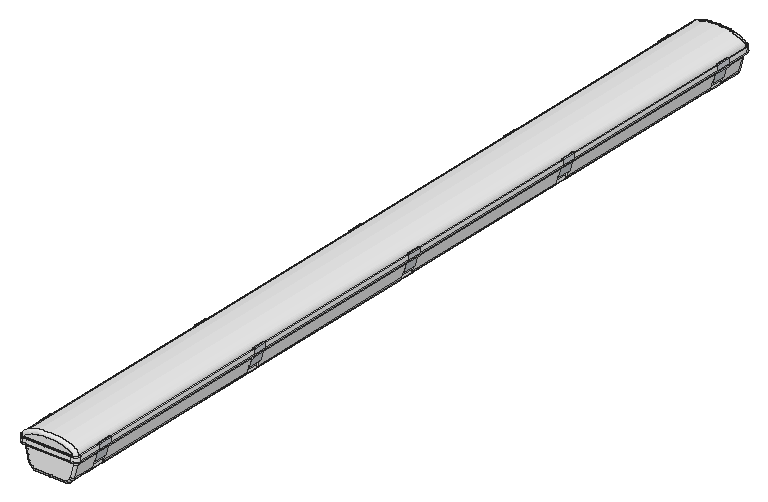
Revit family "0048675", category Lighting Fixtures, host Face, Revit 2017
Family settings
  Host = Face
  Round Connector Dimension = Use Diameter
  Part Type = Normal
  OmniClass Number = 23.80.70.11.14
  OmniClass Title = General Luminaries, Directional
  Cut with Voids When Loaded = Yes
  Light Source = Yes
  Shared = No
  Room Calculation Point = No
Parameters (values of type "0048675 ST Wtrprf T 1500 HO IP65 DA 8300lm 865QC")
  Width = 110 mm
  Weight = ""
  Wattage Comments = "n/a"
  Wattage = 67 W
  WarrantyStartDate [instance] = "n/a"
  WarrantyGuarantorParts = "n/a"
  WarrantyDurationUnit = "n/a"
  WarrantyDurationParts = "n/a"
  WarrantyDescription = "n/a"
  built-in parameter 1150110 = 1 (stored number, unit not read)
  Voltage = 220 V
  URL = "http://www.sylvania-lighting.com"
  TypeName = "START Waterproof T 1500 HO IP65 DALI 8300lm 865 QC"
  Type Image = <None>
  Type Comments = "n/a"
  built-in parameter 1114217 = 1 (stored number, unit not read)
  Tilt Angle = -90.00°
  built-in parameter 1150109 = 1 (stored number, unit not read)
  built-in parameter 1150134 = 1
  built-in parameter 1150113 = 1 (stored number, unit not read)
  SerialNumber [instance] = "n/a"
  ReflectorMaterial = none
  PowerFactor = 0
  PowerConsumption = "67 W"
  Photometric Web File = "0048675.ies"
  NominalWidth = 0 mm
  NominalLength = 1578 mm
  NominalHeight = 78 mm
  Name = "START Waterproof T 1500 HO IP65 DALI 8300lm 865 QC"
  ModelReference = "START Waterproof T 1500 HO IP65 DALI 8300lm 865 QC"
  ModelNumber = "0048675"
  Model = "START Waterproof T 1500 HO IP65 DALI 8300lm 865 QC"
  Material = "pc polycarbonate, housing, pc polycarbonate, diffuser"
  ManufacturerName = "Feilo Sylvania"
  Manufacturer = "Feilo Sylvania"
  LuminousEfficacy = "124 lm/W"
  built-in parameter 1150105 = 661.13 (stored number, unit not read)
  Lumens = 8308 lm
  LuminaireType = ""
  built-in parameter 1150115 = 1 (stored number, unit not read)
  LightOutputRatio = "n/a"
  built-in parameter 1150137 = (empty or 0)
  built-in parameter 1150139 = (empty or 0)
  Length = 1572 mm
  LampsType = Lamp  # "LED"
  LampNominalLuminous = "8300 lm"
  LampMacAdamStep = "5"
  LampColourTemperature = "6500 K"
  LampColourRenderingIndex = "80"
  built-in parameter 1150112 = 1 (stored number, unit not read)
  built-in parameter 1150114 = 1 (stored number, unit not read)
  Lamp = "LED"
  Keynote = "16500"
  InstallationDate [instance] = "n/a"
  InputVoltage = "220-240 V AC"
  InputNominalFrequency = "50/60 Hz"
  built-in parameter 1150132 = (empty or 0)
  built-in parameter 1150102 = (empty or 0)
  built-in parameter 1150107 = 6500 (stored number, unit not read)
  built-in parameter 1150138 = (empty or 0)
  IngressProtection = "IP65"
  ImpactProtectionIndex = "IK08"
  built-in parameter 1150106 = 6.6113 (stored number, unit not read)
  IfcExportType = "IfcLightFixtureType"
  IfcExportAs = "IfcLightFixtureType"
  ExpectedLife = 50000
  Emit from Rectangle Width = Width - 20 mm  # 90 mm
  Emit from Rectangle Length = Length - 20 mm  # 1552 mm
  Emit Shape Visible in Rendering = no
  ElectricShockClassification = "Class I"
  built-in parameter 1150104 = 11.52 (stored number, unit not read)
  DurationUnit = "hours"
  DocumentationLiterature = "http://www.sylvania-lighting.com/product/en-int/products/0048675"
  DimmingControlOptions = "Dimmable"
  Dimming Lamp Color Temperature Shift = <None>
  DiffuserMaterial = Diffuser-Sylvania-Transparent
  Description = "0"
  Default Elevation = 1219.2 mm
  CreatedOn = "6/27/2019"
  CreatedBy = "@sylvania-lighting.com"
  Cost = 0
  Color Filter = 16777215
  built-in parameter 1114216 [instance] = (empty or 0)
  ClassificationValue = "EF_70_80"
  ClassificationName = "Uniclass2015"
  BodyMaterial = Body-Sylvania-Gray
  BarCode [instance] = "n/a"
  built-in parameter 1114218 = 1 (stored number, unit not read)
  built-in parameter 1150133 = 10 (stored number, unit not read)
  AssetType = "Fixed"
  AssetIdentifier [instance] = "n/a"
  Assembly Code = "D5020200"
  Apparent Load = 67 VA
  AccessoryMaterial = Diffuser-Sylvania-Glow
Reference planes
  plane 1 "Center (Front/Back)": y = 0
  plane 2: z = 0
  plane 3 "Center (Left/Right)": x = 0
  plane 4: z = 54
  plane 5: x = -27.7
  plane 6: x = -34.8
  plane 7: x = -39.6
  plane 8: x = -42.2
  plane 9: z = 3
  plane 10: z = 7.8
  plane 11: z = 12.3
  plane 12: z = 36.6
  plane 13: z = 42.8
  plane 14: x = -51.1
  plane 15: z = 46.2
  plane 16: x = -55
  plane 17: y = 786
  plane 18: y = -786
  plane 19: x = 27.7
  plane 20: x = 34.8
  plane 21: x = 39.6
  plane 22: x = 42.2
  plane 23: x = 51.1
  plane 24: x = 55
  plane 25: y = 778.4
  plane 26: y = -778.4
  plane 27: y = -774.7
  plane 28: y = 774.7
  plane 29: z = 74
  plane 30: x = -51.5
  plane 31: x = 51.5
  plane 32: z = 55.2
  plane 33: y = -782.5
  plane 34: y = 782.5
  plane 35: x = -37.5
  plane 36: x = 37.5
  plane 37: x = -48.7
  plane 38: x = 48.7
  plane 39: x = 18
  plane 40: x = -18
  plane 41: z = 50.2
  plane 42: z = 24.6
  plane 43: y = 720
  plane 44: y = 706
  plane 45: y = 734
  plane 46: y = -720
  plane 47: y = 720
  plane 48: y = 706
  plane 49: y = 734
  plane 50: y = -720
  plane 51: y = -734
  plane 52: y = -706
  plane 53: y = 360
  plane 54: y = 346
  plane 55: y = 374
  plane 56: y = 0
  plane 57: y = -14
  plane 58: y = 14
  plane 59: y = -360
  plane 60: y = -374
  plane 61: y = -346
Forms (mm)
  Sweep 1, solid, material "Body-Sylvania-Gray" <- "BodyMaterial", detail levels medium+fine
    path origin (1223.4, -4572, 54) x (0, -1, 0) y (1, 0, 0)
      loop
        arc (-3796, -1278.4) -> (-3788.929, -1275.471) -> (-3786, -1268.4) r 10
        line (-3786, -1268.4) -> (-3786, -1178.4)
        arc (-3786, -1178.4) -> (-3788.929, -1171.329) -> (-3796, -1168.4) r 10
        line (-3796, -1168.4) -> (-5348, -1168.4)
        arc (-5348, -1168.4) -> (-5355.071, -1171.329) -> (-5358, -1178.4) r 10
        line (-5358, -1178.4) -> (-5358, -1268.4)
        arc (-5358, -1268.4) -> (-5355.071, -1275.471) -> (-5348, -1278.4) r 10
        line (-5348, -1278.4) -> (-3796, -1278.4)
    profile origin (-55, 0, 54) x (-1, 0, 0) y (0, 0, 1)
      loop
        line (0, 0) -> (-1, 0) -> (-1, -7.726)
        arc (-1, -7.726) -> (-1.994, -9.498) -> (-3.9, -10.2) r 2.937
        line (-3.9, -10.2) -> (-8.571, -10.2) -> (-8.571, -11.2) -> (-3.9, -11.2)
        arc (-3.9, -11.2) -> (-1.313, -10.231) -> (0, -7.8) r 3.937
        line (0, -7.8) -> (0, 0)
  Sweep 2, solid, material "Body-Sylvania-Gray" <- "BodyMaterial", detail levels medium+fine
    path origin (0, 0, 0) x (1, 0, 0) y (0, 0, 1)
      loop
        line (48.7, 42.8) -> (48.7, 36.6) -> (42.203, 12.31)
        arc (42.203, 12.31) -> (41.199, 9.884) -> (39.6, 7.8) r 10.052
        line (39.6, 7.8) -> (34.8, 3)
        arc (34.8, 3) -> (31.554, 0.781) -> (27.7, 0) r 9.902
        line (27.7, 0) -> (0, 0) -> (-27.7, 0)
        arc (-27.7, 0) -> (-31.554, 0.781) -> (-34.8, 3) r 9.902
        line (-34.8, 3) -> (-39.6, 7.8)
        arc (-39.6, 7.8) -> (-41.199, 9.884) -> (-42.203, 12.31) r 10.052
        line (-42.203, 12.31) -> (-48.7, 36.6) -> (-48.7, 42.8)
    profile origin (0, 0, 0) x (0, 0, -1) y (0, -1, 0)
      loop
        arc (0, 773.4) -> (-1.464, 776.936) -> (-5, 778.4) r 5
        line (-5, 778.4) -> (-7.8, 778.4) -> (-7.8, -778.4) -> (-5, -778.4)
        arc (-5, -778.4) -> (-1.464, -776.936) -> (0, -773.4) r 5
        line (0, -773.4) -> (0, 773.4)
  Extrusion 3, solid, material "Body-Sylvania-Gray" <- "BodyMaterial", detail levels medium+fine
    sketch origin (1524, 778.4, 1219.2) x (1, 0, 0) y (0, 0, 1)
      loop
        arc (-1558.668, -1204.874) -> (-1558.443, -1205.418) -> (-1558.085, -1205.885) r 2.252
        line (-1558.085, -1205.885) -> (-1553.231, -1210.738)
        arc (-1553.231, -1210.738) -> (-1552.534, -1211.227) -> (-1551.7, -1211.4) r 2.102
        line (-1551.7, -1211.4) -> (-1496.3, -1211.4)
        arc (-1496.3, -1211.4) -> (-1495.466, -1211.227) -> (-1494.769, -1210.738) r 2.102
        line (-1494.769, -1210.738) -> (-1489.915, -1205.885)
        arc (-1489.915, -1205.885) -> (-1489.557, -1205.418) -> (-1489.332, -1204.874) r 2.252
        line (-1489.332, -1204.874) -> (-1483.1, -1181.575) -> (-1483.1, -1176.4) -> (-1564.9, -1176.4) -> (-1564.9, -1181.575) -> (-1558.668, -1204.874)
    from 0 to 1556.8
  Sweep 4, solid, material "Diffuser-Sylvania-Transparent" <- "DiffuserMaterial", detail levels medium+fine
    path origin (0, 0, 0) x (1, 0, 0) y (0, 0, 1)
      loop
        spline (-51.5, 55.2) -> (-49.745, 60.066) -> (-44.6, 64.6) -> (-36.416, 68.494) -> (-25.75, 71.481) -> (-13.329, 73.359) -> (0, 74) -> (13.329, 73.359) -> (25.75, 71.481) -> (36.416, 68.494) -> (44.6, 64.6) -> (49.745, 60.066) -> (51.5, 55.2)
    profile origin (51.5, 0, 55.2) x (0, -1, 0) y (1, 0, 0)
      loop
        arc (782.5, -5.5) -> (780.889, -1.611) -> (777, 0) r 5.5
        line (777, 0) -> (-777, 0)
        arc (-777, 0) -> (-780.889, -1.611) -> (-782.5, -5.5) r 5.5
        line (-782.5, -5.5) -> (-782.5, -6.3) -> (-781.5, -6.3) -> (-781.5, -5.5)
        arc (-781.5, -5.5) -> (-780.182, -2.318) -> (-777, -1) r 4.5
        line (-777, -1) -> (777, -1)
        arc (777, -1) -> (780.182, -2.318) -> (781.5, -5.5) r 4.5
        line (781.5, -5.5) -> (781.5, -6.347) -> (782.5, -6.347) -> (782.5, -5.5)
  Extrusion 5, solid, material "Diffuser-Sylvania-Transparent" <- "DiffuserMaterial", detail levels medium+fine
    sketch origin (1524, -782.5, 1219.2) x (1, 0, 0) y (0, 0, 1)
      loop
        line (-1569.653, -1164) -> (-1478.347, -1164)
        spline (-1478.347, -1164) -> (-1478.969, -1162.594) -> (-1482.527, -1159.545) -> (-1489.588, -1156.201) -> (-1499.458, -1153.445) -> (-1511.242, -1151.663) -> (-1524, -1151.049) -> (-1536.758, -1151.663) -> (-1548.542, -1153.445) -> (-1558.412, -1156.201) -> (-1565.473, -1159.545) -> (-1569.031, -1162.594) -> (-1569.653, -1164)
    from 0 to -1
  Extrusion 6, solid, material "Diffuser-Sylvania-Transparent" <- "DiffuserMaterial", detail levels medium+fine
    sketch origin (1524, 782.5, 1219.2) x (1, 0, 0) y (0, 0, 1)
      loop
        spline (-1478.3, -1164) -> (-1478.931, -1162.565) -> (-1482.502, -1159.505) -> (-1489.572, -1156.155) -> (-1499.446, -1153.394) -> (-1511.236, -1151.614) -> (-1524, -1151.007) -> (-1536.764, -1151.614) -> (-1548.554, -1153.394) -> (-1558.428, -1156.155) -> (-1565.498, -1159.505) -> (-1569.069, -1162.565) -> (-1569.7, -1164)
        line (-1569.7, -1164) -> (-1478.3, -1164)
    from 0 to 1
  Extrusion 7, solid, material "Diffuser-Sylvania-Transparent" <- "DiffuserMaterial", detail levels medium+fine
    sketch origin (1223.4, -4572, 55.2) x (0, -1, 0) y (-1, 0, 0)
      loop
        arc (-5353.5, 1177.4) -> (-5352.182, 1174.218) -> (-5349, 1172.9) r 4.5
        line (-5349, 1172.9) -> (-3795, 1172.9)
        arc (-3795, 1172.9) -> (-3791.818, 1174.218) -> (-3790.5, 1177.4) r 4.5
        line (-3790.5, 1177.4) -> (-3790.5, 1269.4)
        arc (-3790.5, 1269.4) -> (-3791.818, 1272.582) -> (-3795, 1273.9) r 4.5
        line (-3795, 1273.9) -> (-5349, 1273.9)
        arc (-5349, 1273.9) -> (-5352.182, 1272.582) -> (-5353.5, 1269.4) r 4.5
        line (-5353.5, 1269.4) -> (-5353.5, 1177.4)
      loop
        line (-5358, 1268.4) -> (-5358, 1178.4)
        arc (-5358, 1178.4) -> (-5355.071, 1171.329) -> (-5348, 1168.4) r 10
        line (-5348, 1168.4) -> (-3796, 1168.4)
        arc (-3796, 1168.4) -> (-3788.929, 1171.329) -> (-3786, 1178.4) r 10
        line (-3786, 1178.4) -> (-3786, 1268.4)
        arc (-3786, 1268.4) -> (-3788.929, 1275.471) -> (-3796, 1278.4) r 10
        line (-3796, 1278.4) -> (-5348, 1278.4)
        arc (-5348, 1278.4) -> (-5355.071, 1275.471) -> (-5358, 1268.4) r 10
    from 0 to 1.2
  Extrusion 8, solid, material "Diffuser-Sylvania-Glow" <- "AccessoryMaterial", detail levels fine
    sketch origin (0, 0, 0) x (1, 0, 0) y (0, 0, 1)
      loop
        circle (-18, 50.2) r 8
      loop
        circle (18, 50.2) r 8
    from -774.7 to 774.7
  Extrusion 9, void
    sketch origin (0, 720, 2343.807) x (0, 0, -1) y (-1, 0, 0)
      loop
        line (2340.807, -37.5) -> (2331.507, -37.5) -> (2319.207, -42.2) -> (2319.207, -48.7) -> (2340.807, -48.7) -> (2340.807, -37.5)
      loop
        line (2340.807, 37.5) -> (2340.807, 48.7) -> (2319.207, 48.7) -> (2319.207, 42.2) -> (2331.507, 37.5) -> (2340.807, 37.5)
    from -14 to 14
  Extrusion 10, solid, material "Body-Sylvania-Gray" <- "BodyMaterial", detail levels coarse
    sketch origin (0, 0, 0) x (1, 0, 0) y (0, 0, 1)
      loop
        line (55, 42.8) -> (55, 55.2) -> (-55, 55.2) -> (-55, 42.791) -> (-42.2, 0) -> (42.2, 0) -> (55, 42.8)
    from -786 to 786
  Extrusion 11, solid, material "Diffuser-Sylvania-Transparent" <- "DiffuserMaterial", detail levels coarse
    sketch origin (0, 0, 0) x (1, 0, 0) y (0, 0, 1)
      loop
        arc (51.5, 55.2) -> (0, 74) -> (-51.5, 55.2) r 79.939
        line (-51.5, 55.2) -> (51.5, 55.2)
    from 778.4 to -778.4
  Extrusion 12, void, not visible
    sketch origin (0, 720, 2343.807) x (0, 0, -1) y (-1, 0, 0)
      loop
        line (2340.807, -37.5) -> (2331.507, -37.5) -> (2319.207, -42.2) -> (2319.207, -48.7) -> (2340.807, -48.7) -> (2340.807, -37.5)
      loop
        line (2340.807, 37.5) -> (2340.807, 48.7) -> (2319.207, 48.7) -> (2319.207, 42.2) -> (2331.507, 37.5) -> (2340.807, 37.5)
    from -14 to 14
  Extrusion 13, void
    sketch origin (0, -720, 2343.807) x (0, 0, -1) y (-1, 0, 0)
      loop
        line (2340.807, -37.5) -> (2331.507, -37.5) -> (2319.207, -42.2) -> (2319.207, -48.7) -> (2340.807, -48.7) -> (2340.807, -37.5)
      loop
        line (2340.807, 37.5) -> (2340.807, 48.7) -> (2319.207, 48.7) -> (2319.207, 42.2) -> (2331.507, 37.5) -> (2340.807, 37.5)
    from -14 to 14
  Extrusion 14, void
    sketch origin (0, 360, 2343.807) x (0, 0, -1) y (-1, 0, 0)
      loop
        line (2340.807, -37.5) -> (2331.507, -37.5) -> (2319.207, -42.2) -> (2319.207, -48.7) -> (2340.807, -48.7) -> (2340.807, -37.5)
      loop
        line (2340.807, 37.5) -> (2340.807, 48.7) -> (2319.207, 48.7) -> (2319.207, 42.2) -> (2331.507, 37.5) -> (2340.807, 37.5)
    from -14 to 14
  Extrusion 15, void
    sketch origin (0, 0, 2343.807) x (0, 0, -1) y (-1, 0, 0)
      loop
        line (2340.807, -37.5) -> (2331.507, -37.5) -> (2319.207, -42.2) -> (2319.207, -48.7) -> (2340.807, -48.7) -> (2340.807, -37.5)
      loop
        line (2340.807, 37.5) -> (2340.807, 48.7) -> (2319.207, 48.7) -> (2319.207, 42.2) -> (2331.507, 37.5) -> (2340.807, 37.5)
    from -14 to 14
  Extrusion 16, void
    sketch origin (0, -360, 2343.807) x (0, 0, -1) y (-1, 0, 0)
      loop
        line (2340.807, -37.5) -> (2331.507, -37.5) -> (2319.207, -42.2) -> (2319.207, -48.7) -> (2340.807, -48.7) -> (2340.807, -37.5)
      loop
        line (2340.807, 37.5) -> (2340.807, 48.7) -> (2319.207, 48.7) -> (2319.207, 42.2) -> (2331.507, 37.5) -> (2340.807, 37.5)
    from -14 to 14
Cuts and joins
  Extrusion 9, Extrusion 13, Extrusion 14, Extrusion 15, Extrusion 16 cuts Sweep 2
  Extrusion 13, Extrusion 14, Extrusion 15, Extrusion 16 cuts Extrusion 3
  joined: Sweep 2, Extrusion 3
  joined: Sweep 4, Extrusion 5, Extrusion 6
Dimensions and locks
  locked: plane 4 to plane 2 at 54
  plane 5 to plane 6 to plane 7 to plane 8 to plane 14 to plane 16 = 7.1 mm locked, 4.8 mm locked, 2.6 mm locked, 8.9 mm, 3.9 mm
  plane 4 to plane 15 to plane 13 to plane 12 to plane 11 to plane 10 to plane 9 = 7.8 mm locked, 3.4 mm, 6.2 mm locked, 24.3 mm locked, 4.5 mm locked, 4.8 mm locked
  equal spacing: plane 18, plane 1 "Center (Front/Back)", plane 17
  "Length": plane 18 to plane 17
  plane 19 to plane 20 to plane 21 to plane 22 to plane 23 to plane 24 = 7.1 mm locked, 4.8 mm locked, 2.6 mm locked, 8.9 mm, 3.9 mm
  equal spacing: plane 24, plane 3 "Center (Left/Right)", plane 16
  "Width": plane 24 to plane 16
  equal spacing: plane 27, plane 1 "Center (Front/Back)", plane 28
  locked: plane 26 to plane 27 at 3.7
  locked: Sweep 1 sketch curve to profile plane at 1
  locked: Sweep 1 sketch curve to plane 13 at 1
  locked: Sweep 1 sketch curve to plane 13 at 3.937  (x2)
  locked: Sweep 1 sketch curve to profile plane at 3.9  (x2)
  locked: plane 29 to plane 4 at 20
  equal spacing: plane 31, plane 3 "Center (Left/Right)", plane 30
  locked: plane 30 to plane 16 at 3.5
  locked: plane 32 to plane 4 at 1.2
  equal spacing: plane 33, plane 1 "Center (Front/Back)", plane 34
  equal spacing: plane 36, plane 3 "Center (Left/Right)", plane 35
  locked: plane 3 "Center (Left/Right)" to plane 35 at 37.5
  locked: plane 34 to plane 17 at 3.5
  equal spacing: plane 38, plane 3 "Center (Left/Right)", plane 37
  locked: plane 37 to plane 16 at 6.3
  equal spacing: plane 25, plane 1 "Center (Front/Back)", plane 26
  locked: plane 17 to plane 25 at 7.6
  locked: Sweep 2 sketch curve to plane 2 at 5  (x2)
  locked: Sweep 2 sketch curve to plane 26 at 5
  locked: plane 25 to Sweep 2 sketch curve at 5
  locked: Sweep 4 sketch curve to plane 31 at 5.5  (x2)
  locked: Sweep 4 sketch curve to plane 34 at 5.5
  plane 33 to Sweep 4 sketch curve = 5.5 mm
  locked: plane 34 to Sweep 4 sketch curve at 1
  locked: Sweep 4 sketch curve to plane 31 at 1
  locked: Sweep 4 sketch curve to Sweep 4 sketch curve at 1
  locked: Sweep 4 sketch curve to plane 31 at 6.347
  locked: Sweep 4 sketch curve to plane 31 at 6.3
  equal spacing: plane 39, plane 3 "Center (Left/Right)", plane 40
  locked: plane 3 "Center (Left/Right)" to plane 40 at 18
  locked: plane 42 to plane 2 at 24.6
  plane 45 to plane 43 to plane 44 = 14 mm locked, 14 mm locked
  locked: plane 17 to plane 43 at 66
  equal spacing: plane 43, plane 1 "Center (Front/Back)", plane 46
  plane 49 to plane 47 to plane 48 = 14 mm locked, 14 mm locked
  plane 52 to plane 50 to plane 51 = 14 mm locked, 14 mm locked  (x2)
  equal spacing: group 1, group 6, group 7, group 8, group 5  (x2)
  equal spacing: group 5, group 8, group 7, group 6, group 1
  plane 55 to plane 53 to plane 54 = 14 mm locked, 14 mm locked  (x2)
  plane 58 to plane 56 to plane 57 = 14 mm locked, 14 mm locked  (x2)
  plane 61 to plane 59 to plane 60 = 14 mm locked, 14 mm locked  (x2)
  plane 43 to plane 53 to plane 1 "Center (Front/Back)" to plane 59 to plane 50 = 360 mm locked, 360 mm locked, 360 mm locked, 360 mm locked
  aligned and locked: plane 2 to host face
  aligned and locked: level to host face
  aligned and locked: plane 16 to Sweep 1 sketch curve
  aligned and locked: Sweep 1 sketch curve to plane 24
  aligned and locked: plane 18 to Sweep 1 sketch curve
  aligned and locked: Sweep 1 sketch curve to plane 13
  aligned and locked: profile plane to Sweep 1 sketch curve
  aligned and locked: plane 3 "Center (Left/Right)" to Sweep 2 sketch curve
  aligned and locked: plane 9 to Sweep 2 sketch curve
  aligned and locked: plane 10 to Sweep 2 sketch curve
  aligned and locked: plane 37 to Sweep 2 sketch curve
  aligned and locked: plane 12 to Sweep 2 sketch curve
  aligned and locked: Sweep 2 sketch curve to level
  aligned and locked: plane 21 to Sweep 2 sketch curve
  aligned and locked: plane 38 to Sweep 2 sketch curve
  aligned and locked: profile plane to Sweep 2 sketch curve
  aligned and locked: plane 25 to Sweep 2 sketch curve
  aligned and locked: Sweep 2 sketch curve to plane 10
  aligned and locked: Extrusion 3 sketch curve to Sweep 2  (x7)
  aligned and locked: Sweep 2 to Extrusion 3 sketch curve
  aligned and locked: Extrusion 3 to plane 25
  aligned and locked: plane 26 to Extrusion 3
  aligned and locked: plane 32 to Sweep 4 sketch curve
  aligned and locked: plane 33 to Sweep 4 sketch curve
  aligned and locked: Sweep 4 to Extrusion 5
  aligned and locked: plane 33 to Extrusion 5
  aligned and locked: Extrusion 5 sketch curve to Sweep 4
  aligned and locked: cut or joined group of Sweep 4, Extrusion 5, Extrusion 6 to Extrusion 6 sketch curve
  aligned and locked: Extrusion 7 sketch curve to cut or joined group of Sweep 4, Extrusion 5, Extrusion 6  (x2)
  aligned and locked: cut or joined group of Sweep 4, Extrusion 5, Extrusion 6 to Extrusion 7 sketch curve  (x2)
  aligned and locked: plane 41 to Extrusion 8 sketch curve  (x2)
  aligned and locked: plane 39 to Extrusion 8 sketch curve
  aligned and locked: plane 27 to Extrusion 8
  aligned and locked: Extrusion 8 to plane 28
  aligned and locked: Extrusion 9 to plane 42
  aligned and locked: plane 9 to Extrusion 9
  aligned and locked: plane 44 to Extrusion 9
  aligned and locked: Extrusion 9 to plane 45
  aligned and locked: Extrusion 7 sketch curve to Sweep 1  (x4)
  aligned and locked: plane 4 to Extrusion 7
  aligned and locked: Extrusion 7 to plane 32
  aligned and locked: nested 2 to plane 43
  aligned and locked: plane 43 to nested 1
  aligned and locked: Extrusion 10 sketch curve to plane 24
  aligned and locked: Extrusion 10 sketch curve to Extrusion 7
  aligned and locked: plane 8 to Extrusion 10 sketch curve
  aligned and locked: plane 22 to Extrusion 10 sketch curve
  aligned and locked: level to Extrusion 10 sketch curve
  aligned and locked: Extrusion 10 to plane 17
  aligned and locked: plane 18 to Extrusion 10
  aligned and locked: cut or joined group of Sweep 4, Extrusion 5, Extrusion 6 to Extrusion 11 sketch curve
  aligned and locked: Extrusion 11 sketch curve to cut or joined group of Sweep 4, Extrusion 5, Extrusion 6  (x2)
  aligned and locked: plane 31 to Extrusion 11 sketch curve
  aligned and locked: plane 30 to Extrusion 11 sketch curve
  aligned and locked: plane 26 to Extrusion 11
  aligned and locked: Extrusion 11 to plane 25
  aligned and locked: imposter light to plane 29
  aligned and locked: plane 3 "Center (Left/Right)" to imposter light
  aligned and locked: plane 1 "Center (Front/Back)" to imposter light
  aligned and locked: plane 51 to Extrusion 13
  aligned and locked: Extrusion 13 to plane 52
  aligned and locked: plane 54 to Extrusion 14
  aligned and locked: Extrusion 14 to plane 55
  aligned and locked: plane 57 to Extrusion 15
  aligned and locked: Extrusion 15 to plane 58
  aligned and locked: plane 60 to Extrusion 16
  aligned and locked: Extrusion 16 to plane 61
  aligned and locked: nested 3 to plane 53
  aligned and locked: plane 53 to nested 10
  aligned and locked: nested 4 to plane 56
  aligned and locked: plane 56 to nested 9
  aligned and locked: nested 5 to plane 59
  aligned and locked: plane 59 to nested 8
  aligned and locked: nested 6 to plane 50
  aligned and locked: plane 50 to nested 7
Automatic sketch dimensions
  host sketch curve to host sketch curve = 2438.4 mm  (x2)
  plane 17 to Sweep 1 sketch curve = 0 mm
  Sweep 1 sketch curve to plane 28 = 1.3 mm
  Sweep 1 sketch curve to plane 7 = 5.4 mm
  plane 27 to Sweep 1 sketch curve = 1.3 mm  (x2)
  Sweep 1 sketch curve to Sweep 1 sketch curve = 4.671 mm
  Sweep 1 sketch curve to plane 4 = 0 mm
  Sweep 2 sketch curve to plane 7 = 0 mm
  Sweep 2 sketch curve to plane 6 = 0 mm
  Sweep 2 sketch curve to plane 5 = 0 mm
  plane 19 to Sweep 2 sketch curve = 0 mm
  Sweep 2 sketch curve to plane 9 = 0 mm
  plane 20 to Sweep 2 sketch curve = 0 mm
  Sweep 2 sketch curve to plane 12 = 0 mm
  Sweep 2 sketch curve to plane 10 = 0 mm
  Sweep 2 sketch curve to plane 13 = 0 mm  (x2)
  Sweep 2 sketch curve to plane 8 = 0.003 mm
  plane 6 to Sweep 2 sketch curve = 2.308 mm
  plane 20 to Sweep 2 sketch curve = 2.308 mm
  Sweep 2 sketch curve to plane 22 = 0.003 mm
  Sweep 2 sketch curve to plane 11 = 0.01 mm  (x2)
  Extrusion 3 sketch curve to plane 5 = 0 mm
  plane 19 to Extrusion 3 sketch curve = 0 mm
  plane 6 to Extrusion 3 sketch curve = 0.132 mm
  plane 6 to Extrusion 3 sketch curve = 0.715 mm
  Extrusion 3 sketch curve to Extrusion 3 sketch curve = 1.592 mm
  Extrusion 3 sketch curve to plane 10 = 0.662 mm  (x2)
  plane 20 to Extrusion 3 sketch curve = 2.308 mm
  plane 20 to Extrusion 3 sketch curve = 0.715 mm
  plane 20 to Extrusion 3 sketch curve = 0.132 mm
  Sweep 4 sketch curve to plane 30 = 0 mm
  Sweep 4 sketch curve to plane 3 "Center (Left/Right)" = 0 mm
  Sweep 4 sketch curve to Sweep 4 sketch curve = 0 mm  (x2)
  plane 37 to Extrusion 5 sketch curve = 3.047 mm
  Extrusion 5 sketch curve to plane 38 = 3.047 mm
  plane 37 to Extrusion 6 sketch curve = 3 mm
  Extrusion 6 sketch curve to plane 38 = 3 mm
  plane 25 to Extrusion 7 sketch curve = 1.4 mm  (x2)
  Extrusion 7 sketch curve to plane 26 = 1.4 mm  (x2)
  Extrusion 8 sketch curve to plane 40 = 0 mm
  Extrusion 9 sketch curve to Extrusion 9 sketch curve = 0 mm
  Extrusion 9 sketch curve to Extrusion 9 sketch curve = 12.3 mm  (x2)
  Extrusion 9 sketch curve to Extrusion 9 sketch curve = 9.3 mm  (x2)
  Extrusion 9 sketch curve to Extrusion 9 sketch curve = 6.5 mm
  Extrusion 9 sketch curve to Extrusion 9 sketch curve = 4.7 mm  (x2)
  Extrusion 9 sketch curve to Extrusion 9 sketch curve = 75 mm
  Extrusion 9 sketch curve to Extrusion 9 sketch curve = 11.2 mm
  Extrusion 10 sketch curve to plane 13 = 0 mm
  plane 13 to Extrusion 10 sketch curve = 0.009 mm
  Extrusion 11 sketch curve to level = 5.939 mm
  Extrusion 10 sketch curve to plane 16 = 0 mm
  Extrusion 12 sketch curve to Extrusion 12 sketch curve = 0 mm
  Extrusion 12 sketch curve to Extrusion 12 sketch curve = 12.3 mm  (x2)
  Extrusion 12 sketch curve to Extrusion 12 sketch curve = 9.3 mm  (x2)
  Extrusion 12 sketch curve to Extrusion 12 sketch curve = 6.5 mm
  Extrusion 12 sketch curve to Extrusion 12 sketch curve = 4.7 mm  (x2)
  Extrusion 12 sketch curve to Extrusion 12 sketch curve = 75 mm
  Extrusion 12 sketch curve to Extrusion 12 sketch curve = 11.2 mm
  Extrusion 13 sketch curve to Extrusion 13 sketch curve = 0 mm
  Extrusion 13 sketch curve to Extrusion 13 sketch curve = 12.3 mm  (x2)
  Extrusion 13 sketch curve to Extrusion 13 sketch curve = 9.3 mm  (x2)
  Extrusion 13 sketch curve to Extrusion 13 sketch curve = 6.5 mm
  Extrusion 13 sketch curve to Extrusion 13 sketch curve = 4.7 mm  (x2)
  Extrusion 13 sketch curve to Extrusion 13 sketch curve = 75 mm
  Extrusion 13 sketch curve to Extrusion 13 sketch curve = 11.2 mm
  Extrusion 14 sketch curve to Extrusion 14 sketch curve = 0 mm
  Extrusion 14 sketch curve to Extrusion 14 sketch curve = 12.3 mm  (x2)
  Extrusion 14 sketch curve to Extrusion 14 sketch curve = 9.3 mm  (x2)
  Extrusion 14 sketch curve to Extrusion 14 sketch curve = 6.5 mm
  Extrusion 14 sketch curve to Extrusion 14 sketch curve = 4.7 mm  (x2)
  Extrusion 14 sketch curve to Extrusion 14 sketch curve = 75 mm
  Extrusion 14 sketch curve to Extrusion 14 sketch curve = 11.2 mm
  Extrusion 15 sketch curve to Extrusion 15 sketch curve = 0 mm
  Extrusion 15 sketch curve to Extrusion 15 sketch curve = 12.3 mm  (x2)
  Extrusion 15 sketch curve to Extrusion 15 sketch curve = 9.3 mm  (x2)
  Extrusion 15 sketch curve to Extrusion 15 sketch curve = 6.5 mm
  Extrusion 15 sketch curve to Extrusion 15 sketch curve = 4.7 mm  (x2)
  Extrusion 15 sketch curve to Extrusion 15 sketch curve = 75 mm
  Extrusion 15 sketch curve to Extrusion 15 sketch curve = 11.2 mm
  Extrusion 16 sketch curve to Extrusion 16 sketch curve = 0 mm
  Extrusion 16 sketch curve to Extrusion 16 sketch curve = 12.3 mm  (x2)
  Extrusion 16 sketch curve to Extrusion 16 sketch curve = 9.3 mm  (x2)
  Extrusion 16 sketch curve to Extrusion 16 sketch curve = 6.5 mm
  Extrusion 16 sketch curve to Extrusion 16 sketch curve = 4.7 mm  (x2)
  Extrusion 16 sketch curve to Extrusion 16 sketch curve = 75 mm
  Extrusion 16 sketch curve to Extrusion 16 sketch curve = 11.2 mm
  radius of Extrusion 8 sketch curve = 8 mm  (x2)
Nested families
  nested 1: "Clip" at (42.2, 720, 24.6), type "Clip", detail levels fine
  nested 2: "Clip" at (-42.2, 720, 24.6) x (-1, 0, 0) z (0, 0, 1), type "Clip", detail levels fine
  nested 3: "Clip" at (-42.2, 360, 24.6) x (-1, 0, 0) z (0, 0, 1), type "Clip", detail levels fine
  nested 4: "Clip" at (-42.2, 0, 24.6) x (-1, 0, 0) z (0, 0, 1), type "Clip", detail levels fine
  nested 5: "Clip" at (-42.2, -360, 24.6) x (-1, 0, 0) z (0, 0, 1), type "Clip", detail levels fine
  nested 6: "Clip" at (-42.2, -720, 24.6) x (-1, 0, 0) z (0, 0, 1), type "Clip", detail levels fine
  nested 7: "Clip" at (42.2, -720, 24.6), type "Clip", detail levels fine
  nested 8: "Clip" at (42.2, -360, 24.6), type "Clip", detail levels fine
  nested 9: "Clip" at (42.2, 0, 24.6), type "Clip", detail levels fine
  nested 10: "Clip" at (42.2, 360, 24.6), type "Clip", detail levels fine
Connectors
  electrical at (0, 0, 0), driven by "Apparent Load"
    settings: index 1, voltage 230 V, apparent load 67 VA, apparent load phase1 0 VA, apparent load phase2 0 VA, apparent load phase3 0 VA, power factor 0, load classification "Lighting", number of poles 1, system type 30, power factor state 1, is connector primary yes, connector utility no, sub classification motor no, connector description ""
Definition of nested family "Clip"
  Parameters (values of type "Clip")
    URL = "http://www.feilosylvania.com"
    Type Comments = "n/a"
    Model = "n/a"
    Manufacturer = "Feilo Sylvania"
    Keynote = "n/a"
    Description = "n/a"
    Default Elevation = 1219.2 mm
    Cost = 0
    BodyMaterial = none
    Assembly Code = "n/a"
  Reference planes
    plane 1 "Center (Front/Back)": y = 0
    plane 2: z = 0
    plane 3 "Center (Left/Right)": x = 0
    plane 4: x = 3.3
    plane 5: x = 6.5
    plane 6: x = 8.9
    plane 7: x = 12.8
    plane 8: z = 12
    plane 9: z = 18.2
    plane 10: z = 21.6
    plane 11: z = 30.6
    plane 12: x = 9.3
    plane 13: z = 19.2
    plane 14: z = 16.2
    plane 15: x = 10.1
    plane 16: y = 12
    plane 17: y = -12
  Forms (mm)
    Extrusion 1, solid
      sketch origin (-0.8, 0, 0) x (1, 0, 0) y (0, 1, 0)
        loop
          line (-1219.2, 1219.2) -> (-1219.2, -1219.2) -> (1219.2, -1219.2) -> (1219.2, 1219.2) -> (-1219.2, 1219.2)
      from 0 to -304.8
    Extrusion 2, solid
      sketch origin (0, 0, 0) x (1, 0, 0) y (0, 0, 1)
        loop
          line (8.9, 16.2) -> (4.58, 0) -> (0, 0) -> (0, -0.8) -> (5.195, -0.8) -> (9.603, 15.731) -> (13.6, 18.806) -> (13.6, 30.6)
          arc (13.6, 30.6) -> (11.45, 32.75) -> (9.3, 30.6) r 2.15
          line (9.3, 30.6) -> (10.1, 30.6)
          arc (10.1, 30.6) -> (11.45, 31.95) -> (12.8, 30.6) r 1.35
          line (12.8, 30.6) -> (12.8, 19.2) -> (8.9, 16.2)
      from -12 to 12
  Lines and regions (mm)
    reference lines
      curve 1: line (3.3, 0, 0) -> (6.5, 0, 12)
      curve 2: arc (8.9, 0, 18.2) -> (11.488, 0, 19.169) -> (12.8, 0, 21.6) r 3.934
  Dimensions and locks
    plane 7 to plane 6 to plane 5 to plane 4 to plane 3 "Center (Left/Right)" = 3.9 mm locked, 2.4 mm locked, 3.2 mm locked, 3.3 mm locked
    plane 11 to plane 10 to plane 9 to plane 8 to plane 2 = 9 mm locked, 3.4 mm locked, 6.2 mm locked, 12 mm locked
    locked: plane 7 to plane 12 at 3.5
    locked: plane 13 to plane 9 at 1
    locked: plane 9 to plane 14 at 2
    locked: plane 15 to plane 12 at 0.8
    locked: plane 2 to Extrusion 2 sketch curve at 0.8
    locked: Extrusion 2 sketch curve to Extrusion 2 sketch curve at 0.8  (x3)
    locked: plane 7 to Extrusion 2 sketch curve at 1.35
    equal spacing: plane 17, plane 1 "Center (Front/Back)", plane 16
    locked: plane 1 "Center (Front/Back)" to plane 16 at 12
    aligned and locked: plane 2 to Extrusion 1
    aligned and locked: level to Extrusion 1
    aligned and locked: plane 4 to curve 1
    aligned and locked: plane 5 to curve 1
    aligned and locked: plane 6 to curve 2
    aligned and locked: plane 10 to curve 2
    aligned and locked: plane 14 to Extrusion 2 sketch curve
    aligned and locked: plane 13 to Extrusion 2 sketch curve
    aligned and locked: plane 7 to Extrusion 2 sketch curve
    aligned and locked: plane 3 "Center (Left/Right)" to Extrusion 2 sketch curve
    aligned and locked: Extrusion 2 sketch curve to level
    aligned and locked: Extrusion 2 sketch curve to plane 11
    aligned and locked: plane 11 to Extrusion 2 sketch curve
    aligned and locked: Extrusion 2 to plane 16
    aligned and locked: plane 17 to Extrusion 2
  Automatic sketch dimensions
    Extrusion 1 sketch curve to Extrusion 1 sketch curve = 2438.4 mm  (x2)
    curve 2 to plane 7 = 0 mm
    curve 1 to level = 0 mm
    curve 1 to plane 8 = 0 mm
    curve 2 to plane 9 = 0 mm
    plane 6 to curve 2 = 0.002 mm
    Extrusion 2 sketch curve to Extrusion 2 sketch curve = 0 mm
    Extrusion 2 sketch curve to plane 6 = 0 mm
    plane 4 to Extrusion 2 sketch curve = 1.28 mm
